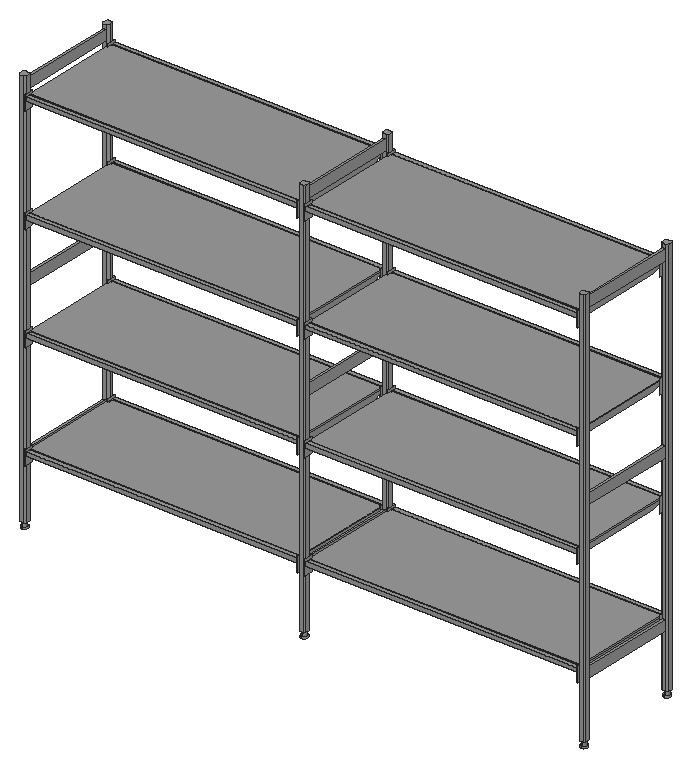
Revit family "QF_ELECTROLUXPROFESSIONAL_137046_BLS2404", category Attrezzature speciali, Revit 2020
Family settings
  Quota connettore circolare = Usa diametro
  Tipo di parte = Normale
  Basato su piano di lavoro = No
  Sempre verticale = Sì
  Taglio con vuoti quando caricato = No
  Condiviso = No
  Punto di calcolo locali = No
Parameters (values of type "Standard")
  Weight = 44.00 kg
  Watts = 0 W
  Volts = 0 V
  URL Manufacturer = "https://www.electroluxprofessional.com/"
  URL = "https://www.electroluxprofessional.com/"
  Steam Supply Size = 0 mm
  Steam Supply Minimum Pressure = 0.0 Pa
  Steam Supply Maximum Pressure = 0.0 Pa
  Steam Consumption per Hour = 0
  Refrigeration Suction Line Size = 0.0 mm
  Refrigeration Liquid Line Size = 0.0 mm
  Refrigerant Compressor Remote = yes
  Prospetto di default = 0.0 mm
  Phase = 0
  Modello = "BLS2404"
  Produttore = "Electrolux Professional"
  Length Actual = 2404.0 mm  # constant formula
  Item Number = "137046"
  Hot Water Size = 0 mm
  Height Actual = 1700.0 mm  # constant formula
  HP = "0 HP"
  Gas Size = 0 mm
  Gas KW = 0
  Gas Input Pressure = 0 W
  Direct Waste Size = 0 mm
  Descrizione = "ALUM.LINEAR SHELV.-POLY.TIERS-475X2404MM"
  Depth Actual = 475.0 mm  # constant formula
  Cycle = 0 Hz
  Condensate Return Size = 0 mm
  Compressed Air Volume = 0.0 L/s
  Compressed Air Size = 0 mm
  Compressed Air Pressure = 0.0 Pa
  Cold Water Size = 0 mm
  Accessory = yes
Reference planes
  plane 1: z = 0
  plane 2 "CenterLeft": x = -31
  plane 3 "LEFT": x = -417
  plane 4 "BACK": y = 23
  plane 5 "FRONT": y = -452
  plane 6 "TOP": z = 1700
  plane 7: x = -385
  plane 8: x = 767
  plane 9 "Center (Front/Back)": y = -214.5
  plane 10: y = -8.5
  plane 11: y = -420.5
  plane 12 "FEET": z = 25
  plane 13: z = 275
  plane 14: z = 725
  plane 15: z = 1175
  plane 16: z = 1625
  plane 17 "CXLeft": x = -403
  plane 18 "Center (Left/Right)": x = 785
  plane 19: y = 5.5
  plane 20 "CYBack": y = 5.5
  plane 21 "CYFront": y = -434.5
  plane 22 "RIGHT": x = 1987
  plane 23: x = 1955
  plane 24 "CXRight": x = 1973
  plane 25: x = 803
Forms (mm)
  Extrusion 1, solid, material "QF_Aluminum"
    sketch origin (-417, 0, -4.006) x (0, 1, 0) y (0, 0, 1)
      loop
        line (-12, 1637.003) -> (4, 1637.003) -> (4, 1655) -> (2.007, 1655) -> (2.007, 1648.501) -> (-431, 1648.501) -> (-431, 1655) -> (-433, 1655) -> (-433, 1637.003) -> (-417, 1637.003) -> (-383, 1625) -> (-46, 1625) -> (-12, 1637.003)
      loop
        line (-12, 1187.003) -> (4, 1187.003) -> (4, 1205) -> (2.007, 1205) -> (2.007, 1198.501) -> (-431, 1198.501) -> (-431, 1205) -> (-433, 1205) -> (-433, 1187.003) -> (-417, 1187.003) -> (-383, 1175) -> (-46, 1175) -> (-12, 1187.003)
      loop
        line (-12, 737.003) -> (4, 737.003) -> (4, 755) -> (2.007, 755) -> (2.007, 748.501) -> (-431, 748.501) -> (-431, 755) -> (-433, 755) -> (-433, 737.003) -> (-417, 737.003) -> (-383, 725) -> (-46, 725) -> (-12, 737.003)
      loop
        line (-12, 287.003) -> (4, 287.003) -> (4, 305) -> (2.007, 305) -> (2.007, 298.501) -> (-431, 298.501) -> (-431, 305) -> (-433, 305) -> (-433, 287.003) -> (-417, 287.003) -> (-383, 275) -> (-46, 275) -> (-12, 287.003)
    from 37 to 32
  Extrusion 2, solid, material "QF_Aluminum"
    sketch origin (-417, 0, 0) x (0, 1, 0) y (0, 0, 1)
      loop
        line (23, 246.005) -> (23, 307.993) -> (-12.993, 307.993) -> (-12.993, 246.005) -> (23, 246.005)
      loop
        line (-452, 246.005) -> (-416.007, 246.005) -> (-416.007, 307.993) -> (-452, 307.993) -> (-452, 246.005)
      loop
        line (23, 696.005) -> (23, 757.993) -> (-12.993, 757.993) -> (-12.993, 696.005) -> (23, 696.005)
      loop
        line (-452, 696.005) -> (-416.007, 696.005) -> (-416.007, 757.993) -> (-452, 757.993) -> (-452, 696.005)
      loop
        line (23, 1146.005) -> (23, 1207.993) -> (-12.993, 1207.993) -> (-12.993, 1146.005) -> (23, 1146.005)
      loop
        line (-452, 1146.005) -> (-416.007, 1146.005) -> (-416.007, 1207.993) -> (-452, 1207.993) -> (-452, 1146.005)
      loop
        line (23, 1596.005) -> (23, 1657.993) -> (-12.993, 1657.993) -> (-12.993, 1596.005) -> (23, 1596.005)
      loop
        line (-452, 1596.005) -> (-416.007, 1596.005) -> (-416.007, 1657.993) -> (-452, 1657.993) -> (-452, 1596.005)
    from 28 to 32
  Extrusion 3, solid, material "QF_Aluminum"
    sketch origin (-417, 0, 0) x (0, 1, 0) y (0, 0, 1)
      loop
        line (4, 1650.994) -> (4, 1632.998) -> (23, 1632.998) -> (23, 1650.994) -> (4, 1650.994)
      loop
        line (-433, 1650.994) -> (-452, 1650.994) -> (-452, 1632.998) -> (-433, 1632.998) -> (-433, 1650.994)
      loop
        line (4, 1200.994) -> (4, 1182.998) -> (23, 1182.998) -> (23, 1200.994) -> (4, 1200.994)
      loop
        line (-433, 1200.994) -> (-452, 1200.994) -> (-452, 1182.998) -> (-433, 1182.998) -> (-433, 1200.994)
      loop
        line (4, 750.994) -> (4, 732.998) -> (23, 732.998) -> (23, 750.994) -> (4, 750.994)
      loop
        line (-433, 750.994) -> (-452, 750.994) -> (-452, 732.998) -> (-433, 732.998) -> (-433, 750.994)
      loop
        line (4, 300.994) -> (4, 282.998) -> (23, 282.998) -> (23, 300.994) -> (4, 300.994)
      loop
        line (-433, 300.994) -> (-452, 300.994) -> (-452, 282.998) -> (-433, 282.998) -> (-433, 300.994)
    from 32 to 1184
  Extrusion 4, solid, material "QF_Polyethylene"
    sketch origin (-417, 0, 0) x (0, 1, 0) y (0, 0, 1)
      loop
        line (2.007, 1650.994) -> (-431, 1650.994) -> (-431, 1644.496) -> (2.007, 1644.496) -> (2.007, 1650.994)
      loop
        line (2.007, 1200.994) -> (-431, 1200.994) -> (-431, 1194.496) -> (2.007, 1194.496) -> (2.007, 1200.994)
      loop
        line (2.007, 750.994) -> (-431, 750.994) -> (-431, 744.496) -> (2.007, 744.496) -> (2.007, 750.994)
      loop
        line (2.007, 300.994) -> (-431, 300.994) -> (-431, 294.496) -> (2.007, 294.496) -> (2.007, 300.994)
    from 32 to 1184
  Extrusion 5, solid, material "QF_Aluminum"
    sketch origin (1987, 0, 0) x (0, 1, 0) y (0, 0, 1)
      loop
        line (4, 1650.994) -> (4, 1632.998) -> (23, 1632.998) -> (23, 1650.994) -> (4, 1650.994)
      loop
        line (-433, 1650.994) -> (-452, 1650.994) -> (-452, 1632.998) -> (-433, 1632.998) -> (-433, 1650.994)
      loop
        line (4, 1200.994) -> (4, 1182.998) -> (23, 1182.998) -> (23, 1200.994) -> (4, 1200.994)
      loop
        line (-433, 1200.994) -> (-452, 1200.994) -> (-452, 1182.998) -> (-433, 1182.998) -> (-433, 1200.994)
      loop
        line (4, 750.994) -> (4, 732.998) -> (23, 732.998) -> (23, 750.994) -> (4, 750.994)
      loop
        line (-433, 750.994) -> (-452, 750.994) -> (-452, 732.998) -> (-433, 732.998) -> (-433, 750.994)
      loop
        line (4, 300.994) -> (4, 282.998) -> (23, 282.998) -> (23, 300.994) -> (4, 300.994)
      loop
        line (-433, 300.994) -> (-452, 300.994) -> (-452, 282.998) -> (-433, 282.998) -> (-433, 300.994)
    from -32 to -1184
  Extrusion 6, solid, material "QF_Polyethylene"
    sketch origin (1987, 0, 0) x (0, 1, 0) y (0, 0, 1)
      loop
        line (2.007, 1650.994) -> (-431, 1650.994) -> (-431, 1644.496) -> (2.007, 1644.496) -> (2.007, 1650.994)
      loop
        line (2.007, 1200.994) -> (-431, 1200.994) -> (-431, 1194.496) -> (2.007, 1194.496) -> (2.007, 1200.994)
      loop
        line (2.007, 750.994) -> (-431, 750.994) -> (-431, 744.496) -> (2.007, 744.496) -> (2.007, 750.994)
      loop
        line (2.007, 300.994) -> (-431, 300.994) -> (-431, 294.496) -> (2.007, 294.496) -> (2.007, 300.994)
    from -32 to -1184
Lines and regions (mm)
  symbolic lines
    curve 1: line (767, 4, 1700) -> (-385, 4, 1700)
    curve 2: line (-408, -8.5, 1700) -> (-408, -420.5, 1700)
    curve 3: line (-398, -420.5, 1700) -> (-398, -8.5, 1700)
    curve 4: line (-389, 23, 1700) -> (771, 23, 1700)
    curve 5: line (-385, -452, 1700) -> (767, -452, 1700)
    curve 6: line (799, 23, 1700) -> (1959, 23, 1700)
    curve 7: line (799, -452, 1700) -> (1959, -452, 1700)
    curve 8: line (-385, -433, 1700) -> (767, -433, 1700)
    curve 9: line (803, -433, 1700) -> (1955, -433, 1700)
    curve 10: line (803, 4, 1700) -> (1955, 4, 1700)
    curve 11: line (1955, -12.993, 1700) -> (1955, -416.007, 1700)
    curve 12: line (767, -12.993, 1700) -> (767, -416.007, 1700)
    curve 13: line (803, -416.007, 1700) -> (803, -12.993, 1700)
    curve 14: line (-385, -12.993, 1700) -> (-385, -416.007, 1700)
Dimensions and locks
  plane 3 "LEFT" to plane 2 "CenterLeft" = 386.0 mm
  locked: plane 6 "TOP" to level at 1700
  locked: plane 4 "BACK" to plane 5 "FRONT" at 475
  locked: plane 7 to plane 8 at 1152
  locked: plane 10 to plane 11 at 412
  equal spacing: plane 10, plane 9 "Center (Front/Back)", plane 11
  equal spacing: plane 4 "BACK", plane 9 "Center (Front/Back)", plane 5 "FRONT"
  plane 12 "FEET" to level = 25.0 mm
  plane 6 "TOP" to plane 12 "FEET" = 1675.0 mm
  plane 13 to plane 12 "FEET" = 250.0 mm
  plane 14 to plane 13 = 450.0 mm
  plane 15 to plane 14 = 450.0 mm
  plane 16 to plane 15 = 450.0 mm
  locked: plane 4 "BACK" to plane 20 "CYBack" at 17.5
  locked: plane 21 "CYFront" to plane 5 "FRONT" at 17.5
  locked: plane 4 "BACK" to Extrusion 1 at 19
  locked: Extrusion 1 to plane 5 "FRONT" at 19
  Extrusion 1 sketch curve to plane 21 "CYFront" = 3.5 mm
  plane 3 "LEFT" to plane 22 "RIGHT" = 2404.0 mm
  locked: plane 25 to plane 23 at 1152
  locked: plane 8 to plane 18 "Center (Left/Right)" at 18
  locked: plane 18 "Center (Left/Right)" to plane 25 at 18
  locked: plane 3 "LEFT" to plane 7 at 32
  locked: plane 24 "CXRight" to plane 22 "RIGHT" at 14
  aligned and locked: level to plane 1
  aligned and locked: plane 7 to Extrusion 1
  aligned and locked: Extrusion 2 to plane 7
  aligned and locked: plane 7 to Extrusion 4
  aligned and locked: Extrusion 4 to plane 8
  aligned and locked: plane 7 to Extrusion 3
  aligned and locked: Extrusion 3 to plane 8
  aligned and locked: Extrusion 3 sketch curve to Extrusion 1
  aligned and locked: Extrusion 1 to Extrusion 3 sketch curve
  aligned and locked: Extrusion 3 sketch curve to Extrusion 3 sketch curve  (x2)
  aligned and locked: Extrusion 1 sketch curve to Extrusion 1 sketch curve  (x3)
  aligned and locked: Extrusion 4 sketch curve to Extrusion 1  (x4)
  aligned and locked: Extrusion 5 sketch curve to Extrusion 5 sketch curve  (x2)
  aligned and locked: Extrusion 5 to plane 25
  aligned and locked: Extrusion 6 to plane 25
  aligned and locked: nested 3 to plane 18 "Center (Left/Right)"
  aligned and locked: nested 1 to plane 17 "CXLeft"
  aligned and locked: Extrusion 3 to plane 7  (x3)
  aligned and locked: plane 8 to Extrusion 3  (x4)
  aligned and locked: plane 25 to Extrusion 5  (x4)
  aligned and locked: plane 25 to Extrusion 6  (x4)
  aligned and locked: plane 8 to Extrusion 4  (x4)
  aligned and locked: nested 2 to plane 24 "CXRight"
  aligned and locked: Extrusion 5 to plane 23
  aligned and locked: Extrusion 6 to plane 23
  aligned and locked: plane 23 to Extrusion 5  (x3)
  aligned and locked: plane 23 to Extrusion 6  (x3)
Automatic sketch dimensions
  plane 21 "CYFront" to Extrusion 1 sketch curve = 1.5 mm  (x4)
  plane 11 to Extrusion 1 sketch curve = 3.5 mm  (x4)
  Extrusion 1 sketch curve to plane 13 = 4.006 mm
  Extrusion 1 sketch curve to Extrusion 1 sketch curve = 34.0 mm  (x4)
  Extrusion 1 sketch curve to plane 14 = 4.006 mm
  Extrusion 1 sketch curve to plane 15 = 4.006 mm
  Extrusion 1 sketch curve to plane 16 = 4.006 mm
  Extrusion 1 sketch curve to plane 10 = 37.5 mm  (x4)
  Extrusion 1 sketch curve to plane 10 = 3.5 mm  (x4)
  plane 19 to Extrusion 1 sketch curve = 3.493 mm  (x4)
  plane 19 to Extrusion 1 sketch curve = 1.5 mm  (x4)
  plane 13 to Extrusion 1 sketch curve = 7.998 mm  (x2)
  Extrusion 1 sketch curve to Extrusion 1 sketch curve = 11.498 mm  (x4)
  Extrusion 1 sketch curve to Extrusion 1 sketch curve = 6.499 mm  (x8)
  plane 14 to Extrusion 1 sketch curve = 7.998 mm  (x2)
  plane 15 to Extrusion 1 sketch curve = 7.998 mm  (x2)
  plane 16 to Extrusion 1 sketch curve = 7.998 mm  (x2)
  Extrusion 2 sketch curve to plane 5 "FRONT" = 0.0 mm  (x4)
  Extrusion 2 sketch curve to plane 4 "BACK" = 0.0 mm  (x4)
  plane 11 to Extrusion 2 sketch curve = 4.493 mm  (x4)
  Extrusion 2 sketch curve to plane 10 = 4.493 mm  (x4)
  Extrusion 2 sketch curve to plane 13 = 28.995 mm  (x2)
  plane 13 to Extrusion 2 sketch curve = 32.993 mm  (x2)
  Extrusion 2 sketch curve to plane 14 = 28.995 mm  (x2)
  plane 14 to Extrusion 2 sketch curve = 32.993 mm  (x2)
  Extrusion 2 sketch curve to plane 15 = 28.995 mm  (x2)
  plane 15 to Extrusion 2 sketch curve = 32.993 mm  (x2)
  Extrusion 2 sketch curve to plane 16 = 28.995 mm  (x2)
  plane 16 to Extrusion 2 sketch curve = 32.993 mm  (x2)
  Extrusion 3 sketch curve to plane 5 "FRONT" = 0.0 mm  (x4)
  Extrusion 3 sketch curve to plane 4 "BACK" = 0.0 mm  (x4)
  plane 19 to Extrusion 3 sketch curve = 1.5 mm  (x4)
  plane 13 to Extrusion 3 sketch curve = 7.998 mm  (x2)
  Extrusion 3 sketch curve to Extrusion 3 sketch curve = 17.997 mm  (x8)
  plane 14 to Extrusion 3 sketch curve = 7.998 mm  (x2)
  plane 15 to Extrusion 3 sketch curve = 7.998 mm  (x2)
  plane 16 to Extrusion 3 sketch curve = 7.998 mm  (x2)
  plane 19 to Extrusion 4 sketch curve = 3.493 mm  (x4)
  plane 13 to Extrusion 4 sketch curve = 19.496 mm
  Extrusion 4 sketch curve to Extrusion 4 sketch curve = 6.499 mm  (x4)
  plane 14 to Extrusion 4 sketch curve = 19.496 mm
  plane 15 to Extrusion 4 sketch curve = 19.496 mm
  plane 16 to Extrusion 4 sketch curve = 19.496 mm
  Extrusion 5 sketch curve to plane 5 "FRONT" = 0.0 mm  (x4)
  Extrusion 5 sketch curve to plane 4 "BACK" = 0.0 mm  (x4)
  plane 21 "CYFront" to Extrusion 5 sketch curve = 1.5 mm  (x2)
  plane 19 to Extrusion 5 sketch curve = 1.5 mm  (x4)
  plane 13 to Extrusion 5 sketch curve = 7.998 mm  (x2)
  Extrusion 5 sketch curve to Extrusion 5 sketch curve = 17.997 mm  (x8)
  plane 14 to Extrusion 5 sketch curve = 7.998 mm  (x2)
  plane 15 to Extrusion 5 sketch curve = 7.998 mm  (x2)
  plane 16 to Extrusion 5 sketch curve = 7.998 mm  (x2)
  plane 21 "CYFront" to Extrusion 6 sketch curve = 3.5 mm  (x4)
  plane 19 to Extrusion 6 sketch curve = 3.493 mm  (x4)
  plane 13 to Extrusion 6 sketch curve = 19.496 mm
  Extrusion 6 sketch curve to Extrusion 6 sketch curve = 6.499 mm  (x4)
  plane 14 to Extrusion 6 sketch curve = 19.496 mm
  plane 15 to Extrusion 6 sketch curve = 19.496 mm
  plane 16 to Extrusion 6 sketch curve = 19.496 mm
  curve 7 to plane 5 "FRONT" = 0.0 mm
  curve 5 to plane 5 "FRONT" = 0.0 mm
  curve 8 to plane 8 = 0.0 mm
  curve 9 to plane 25 = 0.0 mm
  curve 9 to plane 23 = 0.0 mm
  curve 8 to plane 7 = 0.0 mm
  curve 2 to plane 11 = 0.0 mm
  curve 3 to plane 11 = 0.0 mm
  curve 14 to plane 7 = 0.0 mm
  curve 13 to plane 25 = 0.0 mm
  curve 12 to plane 8 = 0.0 mm
  curve 11 to plane 23 = 0.0 mm
  curve 3 to plane 10 = 0.0 mm
  curve 2 to plane 10 = 0.0 mm
  curve 1 to plane 8 = 0.0 mm
  curve 1 to plane 7 = 0.0 mm
  curve 10 to plane 23 = 0.0 mm
  curve 10 to plane 25 = 0.0 mm
  curve 4 to plane 4 "BACK" = 0.0 mm
  curve 6 to plane 4 "BACK" = 0.0 mm
  curve 5 to plane 8 = 0.0 mm
  curve 5 to plane 7 = 0.0 mm
  plane 21 "CYFront" to curve 8 = 1.5 mm
  plane 21 "CYFront" to curve 9 = 1.5 mm
  plane 11 to curve 14 = 4.493 mm
  plane 11 to curve 13 = 4.493 mm
  plane 11 to curve 12 = 4.493 mm
  plane 11 to curve 11 = 4.493 mm
  curve 14 to plane 10 = 4.493 mm
  curve 13 to plane 10 = 4.493 mm
  curve 12 to plane 10 = 4.493 mm
  curve 11 to plane 10 = 4.493 mm
  plane 19 to curve 1 = 1.5 mm
  plane 19 to curve 10 = 1.5 mm
  curve 6 to plane 23 = 4.0 mm
  curve 7 to plane 23 = 4.0 mm
  curve 6 to plane 25 = 4.0 mm
  curve 7 to plane 25 = 4.0 mm
  curve 4 to plane 8 = 4.0 mm
  plane 7 to curve 4 = 4.0 mm
  plane 17 "CXLeft" to curve 3 = 5.0 mm
  curve 2 to plane 17 "CXLeft" = 5.0 mm
Nested families
  nested 1: "WT_Anta475" at (0, 0, 0), type "WT_Anta475"
  nested 2: "WT_Anta475" at (1570, 0, 0) x (-1, 0, 0) z (0, 0, 1), type "WT_Anta475"
  nested 3: "WT_Anta475Center" at (1188, 0, 0), type "WT_Anta475Center"
Definition of nested family "WT_Anta475"
  Parameters
    WidthLeft = A + 64.0 mm  # 772.0 mm
    Width = 1606.0 mm
    Right = WidthLeft / 2  # 386.0 mm
    Default Elevation = 0.0 mm
    Left = -WidthLeft / 2  # -386.0 mm
    Height = 1725.0 mm
    FEET = 25.0 mm
    E = 0.0 mm
    Dint = Depth - 63.0 mm  # 412.0 mm
    Dext = Depth - 8.0 mm  # 467.0 mm
    Depth = 475.0 mm
    DX = (WidthLeft - A) / 2  # 32.0 mm
    B = 798.0 mm
    A = 708.0 mm
  Reference planes
    plane 1: z = 0
    plane 2 "LEFT": x = -417
    plane 3 "BACK": y = 23
    plane 4 "FRONT": y = -452
    plane 5 "TOP": z = 1725
    plane 6 "Center (Front/Back)": y = -214.5
    plane 7: y = -8.5
    plane 8: y = -420.5
    plane 9 "FEET": z = 25
    plane 10: z = 275
    plane 11: z = 725
    plane 12: z = 1175
    plane 13: z = 1625
    plane 14 "CXLeft": x = -403
    plane 15: y = 5.5
    plane 16 "CYBack": y = 5.5
    plane 17 "CYFront": y = -434.5
    plane 18: x = -385.031
    plane 19: x = -380.031
  Forms (mm)
    Extrusion 1, solid
      sketch origin (0, 0, 0) x (1, 0, 0) y (0, 1, 0)
        loop
          line (-417, 13.246) -> (-417, -2.246) -> (-410.746, -8.5) -> (-395.254, -8.5) -> (-389, -2.246) -> (-389, 13.246) -> (-395.254, 19.5) -> (-410.746, 19.5) -> (-417, 13.246)
      from 1725 to 25
    Extrusion 2, solid
      sketch origin (-417, 0, 0) x (0, 1, 0) y (0, 0, 1)
        loop
          line (23, 246.005) -> (23, 307.993) -> (-12.993, 307.993) -> (-12.993, 246.005) -> (23, 246.005)
        loop
          line (-452, 246.005) -> (-416.007, 246.005) -> (-416.007, 307.993) -> (-452, 307.993) -> (-452, 246.005)
        loop
          line (23, 696.005) -> (23, 757.993) -> (-12.993, 757.993) -> (-12.993, 696.005) -> (23, 696.005)
        loop
          line (-452, 696.005) -> (-416.007, 696.005) -> (-416.007, 757.993) -> (-452, 757.993) -> (-452, 696.005)
        loop
          line (23, 1146.005) -> (23, 1207.993) -> (-12.993, 1207.993) -> (-12.993, 1146.005) -> (23, 1146.005)
        loop
          line (-452, 1146.005) -> (-416.007, 1146.005) -> (-416.007, 1207.993) -> (-452, 1207.993) -> (-452, 1146.005)
        loop
          line (23, 1596.005) -> (23, 1657.993) -> (-12.993, 1657.993) -> (-12.993, 1596.005) -> (23, 1596.005)
        loop
          line (-452, 1596.005) -> (-416.007, 1596.005) -> (-416.007, 1657.993) -> (-452, 1657.993) -> (-452, 1596.005)
      from 28 to 32
    Revolve 3, solid
      sketch origin (-403, 0, 0) x (0, 1, 0) y (0, 0, 1)
        loop
          line (5.5, 25) -> (5.5, 0) -> (19, 0) -> (19, 5) -> (14, 5) -> (14, 25) -> (5.5, 25)
        axis (5.5, 25) -> (5.5, 0)
      angle from 0 to 360
    Extrusion 4, solid
      sketch origin (-403, 0, 0) x (0, 1, 0) y (0, 0, 1)
        loop
          line (-8.5, 912.382) -> (-8.5, 957.374) -> (-420.5, 957.374) -> (-420.5, 912.382) -> (-8.5, 912.382)
        loop
          line (-8.5, 1662.244) -> (-8.5, 1707.236) -> (-420.5, 1707.236) -> (-420.5, 1662.244) -> (-8.5, 1662.244)
      from -5 to 5
    Revolve 5, solid
      sketch origin (-403, -627, 0) x (0, -1, 0) y (0, 0, 1)
        loop
          line (-192.5, 25) -> (-192.5, 0) -> (-179, 0) -> (-179, 5) -> (-184, 5) -> (-184, 25) -> (-192.5, 25)
        axis (-192.5, 25) -> (-192.5, 0)
      angle from 0 to 360
    Extrusion 6, solid
      sketch origin (0, -627, 0) x (1, 0, 0) y (0, 1, 0)
        loop
          line (-417, 184.754) -> (-410.746, 178.5) -> (-395.254, 178.5) -> (-389, 184.754) -> (-389, 200.246) -> (-395.254, 206.5) -> (-410.746, 206.5) -> (-417, 200.246) -> (-417, 184.754)
      from 1725 to 25
    Extrusion 7, solid
      sketch origin (-417.031, -0.022, 0) x (0, 1, 0) y (0, 0, -1)
        loop
          line (-12, -1632.998) -> (-46, -1620.994) -> (-383, -1620.994) -> (-417, -1632.998) -> (-433, -1632.998) -> (-433, -1650.994) -> (-431, -1650.994) -> (-431, -1644.496) -> (2.007, -1644.496) -> (2.007, -1650.994) -> (4, -1650.994) -> (4, -1632.998) -> (-12, -1632.998)
        loop
          line (-12, -1182.998) -> (-46, -1170.994) -> (-383, -1170.994) -> (-417, -1182.998) -> (-433, -1182.998) -> (-433, -1200.994) -> (-431, -1200.994) -> (-431, -1194.496) -> (2.007, -1194.496) -> (2.007, -1200.994) -> (4, -1200.994) -> (4, -1182.998) -> (-12, -1182.998)
        loop
          line (-12, -732.998) -> (-46, -720.994) -> (-383, -720.994) -> (-417, -732.998) -> (-433, -732.998) -> (-433, -750.994) -> (-431, -750.994) -> (-431, -744.496) -> (2.007, -744.496) -> (2.007, -750.994) -> (4, -750.994) -> (4, -732.998) -> (-12, -732.998)
        loop
          line (-12, -282.998) -> (-46, -270.994) -> (-383, -270.994) -> (-417, -282.998) -> (-433, -282.998) -> (-433, -300.994) -> (-431, -300.994) -> (-431, -294.496) -> (2.007, -294.496) -> (2.007, -300.994) -> (4, -300.994) -> (4, -282.998) -> (-12, -282.998)
      from -32 to -37
    Extrusion 8, solid
      sketch origin (-403, 0, -659.878) x (0, 1, 0) y (0, 0, 1)
        loop
          line (-8.5, 912.382) -> (-8.5, 957.374) -> (-420.5, 957.374) -> (-420.5, 912.382) -> (-8.5, 912.382)
        loop
          line (-8.5, 1572.382) -> (-8.5, 1617.374) -> (-420.5, 1617.374) -> (-420.5, 1572.382) -> (-8.5, 1572.382)
        loop
          line (-8.5, 2322.382) -> (-8.5, 2367.374) -> (-420.5, 2367.374) -> (-420.5, 2322.382) -> (-8.5, 2322.382)
      from -5 to 5
  Lines and regions (mm)
    symbolic lines
      curve 1: line (-408, -8.5, 1725) -> (-408, -420.5, 1725)
      curve 2: line (-398, -420.5, 1725) -> (-398, -8.5, 1725)
      curve 3: line (-395.254, -8.5, 1725) -> (-410.746, -8.5, 1725)
      curve 4: line (-417, -2.246, 1725) -> (-410.746, -8.5, 1725)
      curve 5: line (-417, 13.246, 1725) -> (-417, -2.246, 1725)
      curve 6: line (-410.746, 19.5, 1725) -> (-417, 13.246, 1725)
      curve 7: line (-395.254, 19.5, 1725) -> (-410.746, 19.5, 1725)
      curve 8: line (-389, 13.246, 1725) -> (-395.254, 19.5, 1725)
      curve 9: line (-395.254, -8.5, 1725) -> (-389, -2.246, 1725)
      curve 10: line (-395.254, -420.5, 1725) -> (-410.746, -420.5, 1725)
      curve 11: line (-417, -426.754, 1725) -> (-410.746, -420.5, 1725)
      curve 12: line (-410.746, -448.5, 1725) -> (-417, -442.246, 1725)
      curve 13: line (-395.254, -448.5, 1725) -> (-410.746, -448.5, 1725)
      curve 14: line (-389, -442.246, 1725) -> (-395.254, -448.5, 1725)
      curve 15: line (-395.254, -420.5, 1725) -> (-389, -426.754, 1725)
      curve 16: line (-389, -452, 1725) -> (-389, -416.007, 1725)
      curve 17: line (-389, -416.007, 1725) -> (-385, -416.007, 1725)
      curve 18: line (-389, 23, 1725) -> (-389, -12.993, 1725)
      curve 19: line (-389, -12.993, 1725) -> (-385, -12.993, 1725)
      curve 20: line (-417, -426.754, 1725) -> (-417, -442.246, 1725)
      curve 21: line (-385, -452, 1725) -> (-385, -416.007, 1725)
      curve 22: line (-385, -452, 1725) -> (-389, -452, 1725)
      curve 23: line (-385, 23, 1725) -> (-389, 23, 1725)
      curve 24: line (-385, -12.993, 1725) -> (-385, 23, 1725)
      curve 25: line (-385.031, -13.016, 1725) -> (-385.031, -416.029, 1725)
  Dimensions and locks
    "Height": plane 5 "TOP" to level
    "Depth": plane 3 "BACK" to plane 4 "FRONT"
    "Dint": plane 7 to plane 8
    equal spacing: plane 7, plane 6 "Center (Front/Back)", plane 8
    equal spacing: plane 3 "BACK", plane 6 "Center (Front/Back)", plane 4 "FRONT"
    plane 9 "FEET" to level = 25.0 mm
    plane 5 "TOP" to plane 9 "FEET" = 1700.0 mm
    plane 10 to plane 9 "FEET" = 250.0 mm
    plane 11 to plane 10 = 450.0 mm
    plane 12 to plane 11 = 450.0 mm
    plane 13 to plane 12 = 450.0 mm
    locked: plane 2 "LEFT" to plane 14 "CXLeft" at 14
    locked: plane 3 "BACK" to plane 16 "CYBack" at 17.5
    locked: plane 17 "CYFront" to plane 4 "FRONT" at 17.5
    locked: Revolve 3 sketch curve to Revolve 3 sketch curve at 8.5
    locked: Revolve 3 sketch curve to plane 16 "CYBack" at 13.5
    locked: Revolve 5 sketch curve to Revolve 5 sketch curve at 8.5
    aligned and locked: level to plane 1
    aligned and locked: curve 20 to Extrusion 6
    aligned and locked: plane 5 "TOP" to Extrusion 1
    aligned and locked: plane 5 "TOP" to Extrusion 6
    aligned and locked: Extrusion 7 sketch curve to Extrusion 7 sketch curve  (x3)
  Automatic sketch dimensions
    curve 16 to plane 4 "FRONT" = 0.0 mm
    curve 11 to plane 8 = 0.0 mm
    curve 9 to plane 7 = 0.0 mm
    curve 5 to plane 2 "LEFT" = 0.0 mm
    curve 23 to plane 3 "BACK" = 0.0 mm
    plane 4 "FRONT" to curve 13 = 3.5 mm
    curve 20 to plane 17 "CYFront" = 7.746 mm
    curve 20 to plane 8 = 6.254 mm
    plane 8 to curve 16 = 4.493 mm
    curve 24 to plane 18 = 0.031 mm
    curve 24 to plane 7 = 4.493 mm
    plane 7 to curve 5 = 6.254 mm
    curve 5 to plane 15 = 7.746 mm
    curve 6 to plane 3 "BACK" = 3.5 mm
    curve 21 to plane 18 = 0.031 mm
    plane 18 to curve 23 = 3.969 mm
    plane 18 to curve 16 = 3.969 mm
    curve 18 to curve 8 = 6.254 mm
    curve 18 to curve 3 = 6.254 mm
    curve 16 to curve 13 = 6.254 mm
    curve 16 to curve 15 = 6.254 mm
    plane 2 "LEFT" to curve 10 = 6.254 mm
    plane 2 "LEFT" to curve 7 = 6.254 mm
    plane 2 "LEFT" to curve 12 = 6.254 mm
    plane 2 "LEFT" to curve 3 = 6.254 mm
    curve 14 to plane 17 "CYFront" = 7.746 mm
    curve 15 to plane 8 = 6.254 mm
    plane 7 to curve 9 = 6.254 mm
    curve 8 to plane 15 = 7.746 mm
    curve 3 to curve 2 = 2.746 mm
    curve 1 to curve 10 = 2.746 mm
    Extrusion 1 sketch curve to plane 2 "LEFT" = 0.0 mm
    Extrusion 1 sketch curve to plane 7 = 0.0 mm
    plane 2 "LEFT" to Extrusion 1 sketch curve = 6.254 mm  (x2)
    plane 14 "CXLeft" to Extrusion 1 sketch curve = 7.746 mm  (x2)
    Extrusion 1 sketch curve to plane 3 "BACK" = 3.5 mm
    plane 18 to Extrusion 1 sketch curve = 3.969 mm
    plane 7 to Extrusion 1 sketch curve = 6.254 mm  (x2)
    Extrusion 1 sketch curve to plane 15 = 7.746 mm  (x2)
    Extrusion 2 sketch curve to plane 4 "FRONT" = 0.0 mm  (x4)
    Extrusion 2 sketch curve to plane 3 "BACK" = 0.0 mm  (x4)
    plane 8 to Extrusion 2 sketch curve = 4.493 mm  (x4)
    Extrusion 2 sketch curve to plane 7 = 4.493 mm  (x4)
    Extrusion 2 sketch curve to plane 10 = 28.995 mm  (x2)
    plane 10 to Extrusion 2 sketch curve = 32.993 mm  (x2)
    Extrusion 2 sketch curve to plane 11 = 28.995 mm  (x2)
    plane 11 to Extrusion 2 sketch curve = 32.993 mm  (x2)
    Extrusion 2 sketch curve to plane 12 = 28.995 mm  (x2)
    plane 12 to Extrusion 2 sketch curve = 32.993 mm  (x2)
    Extrusion 2 sketch curve to plane 13 = 28.995 mm  (x2)
    plane 13 to Extrusion 2 sketch curve = 32.993 mm  (x2)
    Revolve 3 sketch curve to plane 9 "FEET" = 0.0 mm  (x2)
    Revolve 3 sketch curve to plane 15 = 0.0 mm  (x2)
    Revolve 3 sketch curve to level = 0.0 mm
    level to Revolve 3 sketch curve = 5.0 mm
    Revolve 3 sketch curve to Revolve 3 sketch curve = 11.655 mm
    Extrusion 4 sketch curve to plane 8 = 0.0 mm  (x2)
    Extrusion 4 sketch curve to plane 7 = 0.0 mm  (x2)
    plane 11 to Extrusion 4 sketch curve = 187.382 mm
    Extrusion 4 sketch curve to Extrusion 4 sketch curve = 44.992 mm
    plane 13 to Extrusion 4 sketch curve = 37.244 mm
    Extrusion 4 sketch curve to plane 5 "TOP" = 17.764 mm
    Revolve 5 sketch curve to plane 9 "FEET" = 0.0 mm  (x2)
    Revolve 5 sketch curve to plane 17 "CYFront" = 0.0 mm  (x2)
    Revolve 5 sketch curve to level = 0.0 mm
    Revolve 5 sketch curve to plane 4 "FRONT" = 4.0 mm
    Revolve 5 sketch curve to Revolve 5 sketch curve = 5.0 mm
    level to Revolve 5 sketch curve = 11.655 mm
    Extrusion 6 sketch curve to plane 2 "LEFT" = 0.0 mm
    Extrusion 6 sketch curve to plane 8 = 0.0 mm
    Extrusion 6 sketch curve to plane 2 "LEFT" = 6.254 mm  (x2)
    Extrusion 6 sketch curve to plane 14 "CXLeft" = 7.746 mm  (x2)
    Extrusion 6 sketch curve to plane 4 "FRONT" = 3.5 mm
    Extrusion 6 sketch curve to plane 18 = 3.969 mm
    plane 8 to Extrusion 6 sketch curve = 6.254 mm  (x2)
    plane 17 "CYFront" to Extrusion 6 sketch curve = 7.746 mm  (x2)
    plane 17 "CYFront" to Extrusion 7 sketch curve = 1.478 mm  (x4)
    Extrusion 7 sketch curve to Extrusion 7 sketch curve = 2.0 mm
    plane 8 to Extrusion 7 sketch curve = 3.478 mm  (x4)
    Extrusion 7 sketch curve to plane 10 = 4.006 mm
    Extrusion 7 sketch curve to Extrusion 7 sketch curve = 34.0 mm  (x4)
    Extrusion 7 sketch curve to plane 11 = 4.006 mm
    Extrusion 7 sketch curve to plane 12 = 4.006 mm
    Extrusion 7 sketch curve to plane 13 = 4.006 mm
    Extrusion 7 sketch curve to plane 7 = 37.522 mm  (x4)
    Extrusion 7 sketch curve to plane 7 = 3.522 mm  (x4)
    plane 15 to Extrusion 7 sketch curve = 3.516 mm  (x4)
    plane 15 to Extrusion 7 sketch curve = 1.522 mm  (x4)
    plane 13 to Extrusion 7 sketch curve = 7.998 mm  (x2)
    Extrusion 7 sketch curve to Extrusion 7 sketch curve = 11.498 mm
    Extrusion 7 sketch curve to Extrusion 7 sketch curve = 6.499 mm  (x5)
    plane 12 to Extrusion 7 sketch curve = 25.994 mm  (x2)
    plane 12 to Extrusion 7 sketch curve = 7.998 mm  (x2)
    plane 11 to Extrusion 7 sketch curve = 25.994 mm  (x2)
    plane 11 to Extrusion 7 sketch curve = 7.998 mm  (x2)
    plane 10 to Extrusion 7 sketch curve = 25.994 mm  (x2)
    plane 10 to Extrusion 7 sketch curve = 7.998 mm  (x2)
    curve 25 to plane 18 = 0.0 mm
    plane 8 to curve 25 = 4.471 mm
    curve 25 to plane 7 = 4.516 mm
    Extrusion 8 sketch curve to plane 8 = 0.0 mm  (x3)
    Extrusion 8 sketch curve to plane 7 = 0.0 mm  (x3)
    Extrusion 8 sketch curve to plane 10 = 22.496 mm
    plane 10 to Extrusion 8 sketch curve = 22.496 mm
    plane 11 to Extrusion 8 sketch curve = 187.504 mm
    Extrusion 8 sketch curve to Extrusion 8 sketch curve = 44.992 mm
    plane 13 to Extrusion 8 sketch curve = 37.504 mm
    Extrusion 8 sketch curve to plane 5 "TOP" = 17.504 mm
Definition of nested family "WT_Anta475Center"
  Parameters
    WidthLeft = A + 64.0 mm  # 772.0 mm
    Width = 1606.0 mm
    Right = WidthLeft / 2  # 386.0 mm
    Default Elevation = 0.0 mm
    Left = -WidthLeft / 2  # -386.0 mm
    Height = 1725.0 mm
    FEET = 25.0 mm
    E = 0.0 mm
    Dint = Depth - 63.0 mm  # 412.0 mm
    Dext = Depth - 8.0 mm  # 467.0 mm
    Depth = 475.0 mm
    DX = (WidthLeft - A) / 2  # 32.0 mm
    B = 798.0 mm
    A = 708.0 mm
  Reference planes
    plane 1: z = 0
    plane 2 "L": x = -417
    plane 3 "BACK": y = 23
    plane 4 "FRONT": y = -452
    plane 5 "TOP": z = 1725
    plane 6 "Center (Front/Back)": y = -214.5
    plane 7: y = -8.5
    plane 8: y = -420.5
    plane 9 "FEET": z = 25
    plane 10: z = 275
    plane 11: z = 725
    plane 12: z = 1175
    plane 13: z = 1625
    plane 14 "CXLeft": x = -403
    plane 15: y = 5.5
    plane 16 "CYBack": y = 5.5
    plane 17 "CYFront": y = -434.5
    plane 18: x = -385.031
    plane 19 "RIGHT": x = -380.031
    plane 20: x = -420.969
    plane 21 "LEFT": x = -425.969
  Forms (mm)
    Extrusion 1, solid
      sketch origin (0, 0, 0) x (1, 0, 0) y (0, 1, 0)
        loop
          line (-417, 13.246) -> (-417, -2.246) -> (-410.746, -8.5) -> (-395.254, -8.5) -> (-389, -2.246) -> (-389, 13.246) -> (-395.254, 19.5) -> (-410.746, 19.5) -> (-417, 13.246)
      from 1725 to 25
    Extrusion 2, solid
      sketch origin (-417, 0, 0) x (0, 1, 0) y (0, 0, 1)
        loop
          line (23, 246.005) -> (23, 307.993) -> (-12.993, 307.993) -> (-12.993, 246.005) -> (23, 246.005)
        loop
          line (-452, 246.005) -> (-416.007, 246.005) -> (-416.007, 307.993) -> (-452, 307.993) -> (-452, 246.005)
        loop
          line (23, 696.005) -> (23, 757.993) -> (-12.993, 757.993) -> (-12.993, 696.005) -> (23, 696.005)
        loop
          line (-452, 696.005) -> (-416.007, 696.005) -> (-416.007, 757.993) -> (-452, 757.993) -> (-452, 696.005)
        loop
          line (23, 1146.005) -> (23, 1207.993) -> (-12.993, 1207.993) -> (-12.993, 1146.005) -> (23, 1146.005)
        loop
          line (-452, 1146.005) -> (-416.007, 1146.005) -> (-416.007, 1207.993) -> (-452, 1207.993) -> (-452, 1146.005)
        loop
          line (23, 1596.005) -> (23, 1657.993) -> (-12.993, 1657.993) -> (-12.993, 1596.005) -> (23, 1596.005)
        loop
          line (-452, 1596.005) -> (-416.007, 1596.005) -> (-416.007, 1657.993) -> (-452, 1657.993) -> (-452, 1596.005)
      from 28 to 32
    Revolve 3, solid
      sketch origin (-403, 0, 0) x (0, 1, 0) y (0, 0, 1)
        loop
          line (5.5, 25) -> (5.5, 0) -> (19, 0) -> (19, 5) -> (14, 5) -> (14, 25) -> (5.5, 25)
        axis (5.5, 25) -> (5.5, 0)
      angle from 0 to 360
    Extrusion 4, solid
      sketch origin (-403, 0, 0) x (0, 1, 0) y (0, 0, 1)
        loop
          line (-8.5, 912.382) -> (-8.5, 957.374) -> (-420.5, 957.374) -> (-420.5, 912.382) -> (-8.5, 912.382)
        loop
          line (-8.5, 1662.244) -> (-8.5, 1707.236) -> (-420.5, 1707.236) -> (-420.5, 1662.244) -> (-8.5, 1662.244)
      from -5 to 5
    Revolve 5, solid
      sketch origin (-403, -627, 0) x (0, -1, 0) y (0, 0, 1)
        loop
          line (-192.5, 25) -> (-192.5, 0) -> (-179, 0) -> (-179, 5) -> (-184, 5) -> (-184, 25) -> (-192.5, 25)
        axis (-192.5, 25) -> (-192.5, 0)
      angle from 0 to 360
    Extrusion 6, solid
      sketch origin (0, -627, 0) x (1, 0, 0) y (0, 1, 0)
        loop
          line (-417, 184.754) -> (-410.746, 178.5) -> (-395.254, 178.5) -> (-389, 184.754) -> (-389, 200.246) -> (-395.254, 206.5) -> (-410.746, 206.5) -> (-417, 200.246) -> (-417, 184.754)
      from 1725 to 25
    Extrusion 7, solid
      sketch origin (-417.031, -0.022, 0) x (0, 1, 0) y (0, 0, -1)
        loop
          line (-12, -1632.998) -> (-46, -1620.994) -> (-383, -1620.994) -> (-417, -1632.998) -> (-433, -1632.998) -> (-433, -1650.994) -> (-431, -1650.994) -> (-431, -1644.496) -> (2.007, -1644.496) -> (2.007, -1650.994) -> (4, -1650.994) -> (4, -1632.998) -> (-12, -1632.998)
        loop
          line (-12, -1182.998) -> (-46, -1170.994) -> (-383, -1170.994) -> (-417, -1182.998) -> (-433, -1182.998) -> (-433, -1200.994) -> (-431, -1200.994) -> (-431, -1194.496) -> (2.007, -1194.496) -> (2.007, -1200.994) -> (4, -1200.994) -> (4, -1182.998) -> (-12, -1182.998)
        loop
          line (-12, -732.998) -> (-46, -720.994) -> (-383, -720.994) -> (-417, -732.998) -> (-433, -732.998) -> (-433, -750.994) -> (-431, -750.994) -> (-431, -744.496) -> (2.007, -744.496) -> (2.007, -750.994) -> (4, -750.994) -> (4, -732.998) -> (-12, -732.998)
        loop
          line (-12, -282.998) -> (-46, -270.994) -> (-383, -270.994) -> (-417, -282.998) -> (-433, -282.998) -> (-433, -300.994) -> (-431, -300.994) -> (-431, -294.496) -> (2.007, -294.496) -> (2.007, -300.994) -> (4, -300.994) -> (4, -282.998) -> (-12, -282.998)
      from -32 to -37
    Extrusion 8, solid
      sketch origin (-403, 0, -659.878) x (0, 1, 0) y (0, 0, 1)
        loop
          line (-8.5, 912.382) -> (-8.5, 957.374) -> (-420.5, 957.374) -> (-420.5, 912.382) -> (-8.5, 912.382)
        loop
          line (-8.5, 1572.382) -> (-8.5, 1617.374) -> (-420.5, 1617.374) -> (-420.5, 1572.382) -> (-8.5, 1572.382)
        loop
          line (-8.5, 2322.382) -> (-8.5, 2367.374) -> (-420.5, 2367.374) -> (-420.5, 2322.382) -> (-8.5, 2322.382)
      from -5 to 5
    Extrusion 9, solid
      sketch origin (-389, 0, 0) x (0, 1, 0) y (0, 0, -1)
        loop
          line (23, -246.005) -> (-12.993, -246.005) -> (-12.993, -307.993) -> (23, -307.993) -> (23, -246.005)
        loop
          line (-452, -246.005) -> (-452, -307.993) -> (-416.007, -307.993) -> (-416.007, -246.005) -> (-452, -246.005)
        loop
          line (23, -696.005) -> (-12.993, -696.005) -> (-12.993, -757.993) -> (23, -757.993) -> (23, -696.005)
        loop
          line (-452, -696.005) -> (-452, -757.993) -> (-416.007, -757.993) -> (-416.007, -696.005) -> (-452, -696.005)
        loop
          line (23, -1146.005) -> (-12.993, -1146.005) -> (-12.993, -1207.993) -> (23, -1207.993) -> (23, -1146.005)
        loop
          line (-452, -1146.005) -> (-452, -1207.993) -> (-416.007, -1207.993) -> (-416.007, -1146.005) -> (-452, -1146.005)
        loop
          line (23, -1596.005) -> (-12.993, -1596.005) -> (-12.993, -1657.993) -> (23, -1657.993) -> (23, -1596.005)
        loop
          line (-452, -1596.005) -> (-452, -1657.993) -> (-416.007, -1657.993) -> (-416.007, -1596.005) -> (-452, -1596.005)
      from 28 to 32
    Extrusion 10, solid
      sketch origin (-388.969, -0.022, 0) x (0, 1, 0) y (0, 0, 1)
        loop
          line (-12, 1632.998) -> (4, 1632.998) -> (4, 1650.994) -> (2.007, 1650.994) -> (2.007, 1644.496) -> (-431, 1644.496) -> (-431, 1650.994) -> (-433, 1650.994) -> (-433, 1632.998) -> (-417, 1632.998) -> (-383, 1620.994) -> (-46, 1620.994) -> (-12, 1632.998)
        loop
          line (-12, 1182.998) -> (4, 1182.998) -> (4, 1200.994) -> (2.007, 1200.994) -> (2.007, 1194.496) -> (-431, 1194.496) -> (-431, 1200.994) -> (-433, 1200.994) -> (-433, 1182.998) -> (-417, 1182.998) -> (-383, 1170.994) -> (-46, 1170.994) -> (-12, 1182.998)
        loop
          line (-12, 732.998) -> (4, 732.998) -> (4, 750.994) -> (2.007, 750.994) -> (2.007, 744.496) -> (-431, 744.496) -> (-431, 750.994) -> (-433, 750.994) -> (-433, 732.998) -> (-417, 732.998) -> (-383, 720.994) -> (-46, 720.994) -> (-12, 732.998)
        loop
          line (-12, 282.998) -> (4, 282.998) -> (4, 300.994) -> (2.007, 300.994) -> (2.007, 294.496) -> (-431, 294.496) -> (-431, 300.994) -> (-433, 300.994) -> (-433, 282.998) -> (-417, 282.998) -> (-383, 270.994) -> (-46, 270.994) -> (-12, 282.998)
      from -32 to -37
  Lines and regions (mm)
    symbolic lines
      curve 1: line (-408, -8.5, 1725) -> (-408, -420.5, 1725)
      curve 2: line (-398, -420.5, 1725) -> (-398, -8.5, 1725)
      curve 3: line (-395.254, -8.5, 1725) -> (-410.746, -8.5, 1725)
      curve 4: line (-417, -2.246, 1725) -> (-410.746, -8.5, 1725)
      curve 5: line (-410.746, 19.5, 1725) -> (-417, 13.246, 1725)
      curve 6: line (-395.254, 19.5, 1725) -> (-410.746, 19.5, 1725)
      curve 7: line (-389, 13.246, 1725) -> (-395.254, 19.5, 1725)
      curve 8: line (-395.254, -8.5, 1725) -> (-389, -2.246, 1725)
      curve 9: line (-395.254, -420.5, 1725) -> (-410.746, -420.5, 1725)
      curve 10: line (-417, -426.754, 1725) -> (-410.746, -420.5, 1725)
      curve 11: line (-410.746, -448.5, 1725) -> (-417, -442.246, 1725)
      curve 12: line (-395.254, -448.5, 1725) -> (-410.746, -448.5, 1725)
      curve 13: line (-389, -442.246, 1725) -> (-395.254, -448.5, 1725)
      curve 14: line (-395.254, -420.5, 1725) -> (-389, -426.754, 1725)
      curve 15: line (-389, -452, 1725) -> (-389, -416.007, 1725)
      curve 16: line (-389, -416.007, 1725) -> (-385, -416.007, 1725)
      curve 17: line (-389, 23, 1725) -> (-389, -12.993, 1725)
      curve 18: line (-389, -12.993, 1725) -> (-385, -12.993, 1725)
      curve 19: line (-385, -452, 1725) -> (-385, -416.007, 1725)
      curve 20: line (-385, -452, 1725) -> (-389, -452, 1725)
      curve 21: line (-385, 23, 1725) -> (-389, 23, 1725)
      curve 22: line (-385, -12.993, 1725) -> (-385, 23, 1725)
      curve 23: line (-385.031, -13.016, 1725) -> (-385.031, -416.029, 1725)
      curve 24: line (-417, -452, 1725) -> (-417, -416.007, 1725)
      curve 25: line (-417, -416.007, 1725) -> (-421, -416.007, 1725)
      curve 26: line (-417, 23, 1725) -> (-417, -12.993, 1725)
      curve 27: line (-417, -12.993, 1725) -> (-421, -12.993, 1725)
      curve 28: line (-421, -452, 1725) -> (-421, -416.007, 1725)
      curve 29: line (-421, -452, 1725) -> (-417, -452, 1725)
      curve 30: line (-421, 23, 1725) -> (-417, 23, 1725)
      curve 31: line (-421, -12.993, 1725) -> (-421, 23, 1725)
      curve 32: line (-420.969, -13.016, 1725) -> (-420.969, -416.029, 1725)
  Dimensions and locks
    "Height": plane 5 "TOP" to level
    "Depth": plane 3 "BACK" to plane 4 "FRONT"
    "Dint": plane 7 to plane 8
    equal spacing: plane 7, plane 6 "Center (Front/Back)", plane 8
    equal spacing: plane 3 "BACK", plane 6 "Center (Front/Back)", plane 4 "FRONT"
    plane 9 "FEET" to level = 25.0 mm
    plane 5 "TOP" to plane 9 "FEET" = 1700.0 mm
    plane 10 to plane 9 "FEET" = 250.0 mm
    plane 11 to plane 10 = 450.0 mm
    plane 12 to plane 11 = 450.0 mm
    plane 13 to plane 12 = 450.0 mm
    locked: plane 3 "BACK" to plane 16 "CYBack" at 17.5
    locked: plane 17 "CYFront" to plane 4 "FRONT" at 17.5
    locked: Revolve 3 sketch curve to Revolve 3 sketch curve at 8.5
    locked: Revolve 3 sketch curve to plane 16 "CYBack" at 13.5
    locked: Revolve 5 sketch curve to Revolve 5 sketch curve at 8.5
    aligned and locked: level to plane 1
    aligned and locked: plane 5 "TOP" to Extrusion 1
    aligned and locked: plane 5 "TOP" to Extrusion 6
    aligned and locked: Extrusion 7 sketch curve to Extrusion 7 sketch curve  (x3)
    aligned and locked: Extrusion 10 sketch curve to Extrusion 10 sketch curve  (x3)
  Automatic sketch dimensions
    curve 15 to plane 4 "FRONT" = 0.0 mm
    curve 28 to plane 4 "FRONT" = 0.0 mm
    curve 9 to plane 8 = 0.0 mm
    curve 25 to plane 2 "L" = 0.0 mm
    curve 8 to plane 7 = 0.0 mm
    curve 17 to plane 3 "BACK" = 0.0 mm
    curve 30 to plane 3 "BACK" = 0.0 mm
    plane 4 "FRONT" to curve 11 = 3.5 mm
    curve 19 to plane 18 = 0.031 mm
    plane 8 to curve 19 = 4.493 mm
    plane 8 to curve 25 = 4.493 mm
    curve 27 to plane 20 = 0.031 mm
    curve 27 to plane 7 = 4.493 mm
    curve 17 to plane 7 = 4.493 mm
    curve 5 to plane 15 = 7.746 mm
    curve 7 to plane 3 "BACK" = 3.5 mm
    curve 18 to plane 18 = 0.031 mm
    plane 18 to curve 21 = 3.969 mm
    plane 18 to curve 20 = 3.969 mm
    curve 15 to curve 9 = 6.254 mm
    curve 17 to curve 7 = 6.254 mm
    curve 17 to curve 3 = 6.254 mm
    curve 15 to curve 12 = 6.254 mm
    plane 2 "L" to curve 12 = 6.254 mm
    plane 2 "L" to curve 4 = 6.254 mm
    plane 2 "L" to curve 10 = 6.254 mm
    plane 2 "L" to curve 5 = 6.254 mm
    curve 28 to plane 20 = 0.031 mm
    curve 13 to plane 17 "CYFront" = 7.746 mm
    curve 14 to plane 8 = 6.254 mm
    plane 7 to curve 8 = 6.254 mm
    curve 7 to plane 15 = 7.746 mm
    curve 9 to curve 2 = 2.746 mm
    curve 1 to curve 9 = 2.746 mm
    Extrusion 1 sketch curve to plane 2 "L" = 0.0 mm
    Extrusion 1 sketch curve to plane 7 = 0.0 mm
    plane 2 "L" to Extrusion 1 sketch curve = 6.254 mm  (x2)
    plane 14 "CXLeft" to Extrusion 1 sketch curve = 7.746 mm  (x2)
    Extrusion 1 sketch curve to plane 3 "BACK" = 3.5 mm
    plane 18 to Extrusion 1 sketch curve = 3.969 mm
    plane 7 to Extrusion 1 sketch curve = 6.254 mm  (x2)
    Extrusion 1 sketch curve to plane 15 = 7.746 mm  (x2)
    Extrusion 2 sketch curve to plane 4 "FRONT" = 0.0 mm  (x4)
    Extrusion 2 sketch curve to plane 3 "BACK" = 0.0 mm  (x4)
    plane 8 to Extrusion 2 sketch curve = 4.493 mm  (x4)
    Extrusion 2 sketch curve to plane 7 = 4.493 mm  (x4)
    Extrusion 2 sketch curve to plane 10 = 28.995 mm  (x2)
    plane 10 to Extrusion 2 sketch curve = 32.993 mm  (x2)
    Extrusion 2 sketch curve to plane 11 = 28.995 mm  (x2)
    plane 11 to Extrusion 2 sketch curve = 32.993 mm  (x2)
    Extrusion 2 sketch curve to plane 12 = 28.995 mm  (x2)
    plane 12 to Extrusion 2 sketch curve = 32.993 mm  (x2)
    Extrusion 2 sketch curve to plane 13 = 28.995 mm  (x2)
    plane 13 to Extrusion 2 sketch curve = 32.993 mm  (x2)
    Revolve 3 sketch curve to plane 9 "FEET" = 0.0 mm  (x2)
    Revolve 3 sketch curve to plane 15 = 0.0 mm  (x2)
    Revolve 3 sketch curve to level = 0.0 mm
    level to Revolve 3 sketch curve = 5.0 mm
    Revolve 3 sketch curve to Revolve 3 sketch curve = 11.655 mm
    Extrusion 4 sketch curve to plane 8 = 0.0 mm  (x2)
    Extrusion 4 sketch curve to plane 7 = 0.0 mm  (x2)
    plane 11 to Extrusion 4 sketch curve = 187.382 mm
    Extrusion 4 sketch curve to Extrusion 4 sketch curve = 44.992 mm
    plane 13 to Extrusion 4 sketch curve = 37.244 mm
    Extrusion 4 sketch curve to plane 5 "TOP" = 17.764 mm
    Revolve 5 sketch curve to plane 9 "FEET" = 0.0 mm  (x2)
    Revolve 5 sketch curve to plane 17 "CYFront" = 0.0 mm  (x2)
    Revolve 5 sketch curve to level = 0.0 mm
    Revolve 5 sketch curve to plane 4 "FRONT" = 4.0 mm
    Revolve 5 sketch curve to Revolve 5 sketch curve = 5.0 mm
    level to Revolve 5 sketch curve = 11.655 mm
    Extrusion 6 sketch curve to plane 2 "L" = 0.0 mm
    Extrusion 6 sketch curve to plane 8 = 0.0 mm
    Extrusion 6 sketch curve to plane 2 "L" = 6.254 mm  (x2)
    Extrusion 6 sketch curve to plane 14 "CXLeft" = 7.746 mm  (x2)
    Extrusion 6 sketch curve to plane 4 "FRONT" = 3.5 mm
    Extrusion 6 sketch curve to plane 18 = 3.969 mm
    plane 8 to Extrusion 6 sketch curve = 6.254 mm  (x2)
    plane 17 "CYFront" to Extrusion 6 sketch curve = 7.746 mm  (x2)
    plane 17 "CYFront" to Extrusion 7 sketch curve = 1.478 mm  (x4)
    Extrusion 7 sketch curve to Extrusion 7 sketch curve = 2.0 mm
    plane 8 to Extrusion 7 sketch curve = 3.478 mm  (x4)
    Extrusion 7 sketch curve to plane 10 = 4.006 mm
    Extrusion 7 sketch curve to Extrusion 7 sketch curve = 34.0 mm  (x4)
    Extrusion 7 sketch curve to plane 11 = 4.006 mm
    Extrusion 7 sketch curve to plane 12 = 4.006 mm
    Extrusion 7 sketch curve to plane 13 = 4.006 mm
    Extrusion 7 sketch curve to plane 7 = 37.522 mm  (x4)
    Extrusion 7 sketch curve to plane 7 = 3.522 mm  (x4)
    plane 15 to Extrusion 7 sketch curve = 3.516 mm  (x4)
    plane 15 to Extrusion 7 sketch curve = 1.522 mm  (x4)
    plane 13 to Extrusion 7 sketch curve = 7.998 mm  (x2)
    Extrusion 7 sketch curve to Extrusion 7 sketch curve = 11.498 mm
    Extrusion 7 sketch curve to Extrusion 7 sketch curve = 6.499 mm  (x5)
    plane 12 to Extrusion 7 sketch curve = 25.994 mm  (x2)
    plane 12 to Extrusion 7 sketch curve = 7.998 mm  (x2)
    plane 11 to Extrusion 7 sketch curve = 25.994 mm  (x2)
    plane 11 to Extrusion 7 sketch curve = 7.998 mm  (x2)
    plane 10 to Extrusion 7 sketch curve = 25.994 mm  (x2)
    plane 10 to Extrusion 7 sketch curve = 7.998 mm  (x2)
    curve 23 to plane 18 = 0.0 mm
    curve 32 to plane 20 = 0.0 mm
    plane 8 to curve 23 = 4.471 mm
    plane 8 to curve 32 = 4.471 mm
    curve 32 to plane 7 = 4.516 mm
    curve 23 to plane 7 = 4.516 mm
    Extrusion 8 sketch curve to plane 8 = 0.0 mm  (x3)
    Extrusion 8 sketch curve to plane 7 = 0.0 mm  (x3)
    Extrusion 8 sketch curve to plane 10 = 22.496 mm
    plane 10 to Extrusion 8 sketch curve = 22.496 mm
    plane 11 to Extrusion 8 sketch curve = 187.504 mm
    Extrusion 8 sketch curve to Extrusion 8 sketch curve = 44.992 mm
    plane 13 to Extrusion 8 sketch curve = 37.504 mm
    Extrusion 8 sketch curve to plane 5 "TOP" = 17.504 mm
    Extrusion 9 sketch curve to plane 4 "FRONT" = 0.0 mm  (x4)
    Extrusion 9 sketch curve to plane 3 "BACK" = 0.0 mm  (x4)
    plane 8 to Extrusion 9 sketch curve = 4.493 mm  (x4)
    Extrusion 9 sketch curve to plane 7 = 4.493 mm  (x4)
    plane 13 to Extrusion 9 sketch curve = 32.993 mm  (x2)
    Extrusion 9 sketch curve to plane 13 = 28.995 mm  (x2)
    plane 12 to Extrusion 9 sketch curve = 32.993 mm  (x2)
    Extrusion 9 sketch curve to plane 12 = 28.995 mm  (x2)
    plane 11 to Extrusion 9 sketch curve = 32.993 mm  (x2)
    Extrusion 9 sketch curve to plane 11 = 28.995 mm  (x2)
    plane 10 to Extrusion 9 sketch curve = 32.993 mm  (x2)
    Extrusion 9 sketch curve to plane 10 = 28.995 mm  (x2)
    plane 17 "CYFront" to Extrusion 10 sketch curve = 1.478 mm  (x4)
    Extrusion 10 sketch curve to Extrusion 10 sketch curve = 2.0 mm
    plane 8 to Extrusion 10 sketch curve = 3.478 mm  (x4)
    Extrusion 10 sketch curve to plane 10 = 4.006 mm
    Extrusion 10 sketch curve to Extrusion 10 sketch curve = 34.0 mm  (x4)
    Extrusion 10 sketch curve to plane 11 = 4.006 mm
    Extrusion 10 sketch curve to plane 12 = 4.006 mm
    Extrusion 10 sketch curve to plane 13 = 4.006 mm
    Extrusion 10 sketch curve to plane 7 = 37.522 mm  (x4)
    Extrusion 10 sketch curve to plane 7 = 3.522 mm  (x4)
    plane 15 to Extrusion 10 sketch curve = 3.516 mm  (x4)
    plane 15 to Extrusion 10 sketch curve = 1.522 mm  (x4)
    plane 10 to Extrusion 10 sketch curve = 7.998 mm  (x2)
    Extrusion 10 sketch curve to Extrusion 10 sketch curve = 11.498 mm  (x4)
    Extrusion 10 sketch curve to Extrusion 10 sketch curve = 6.499 mm  (x8)
    plane 11 to Extrusion 10 sketch curve = 7.998 mm  (x2)
    plane 12 to Extrusion 10 sketch curve = 7.998 mm  (x2)
    plane 13 to Extrusion 10 sketch curve = 7.998 mm  (x2)
    curve 4 to plane 2 "L" = 0.0 mm
    plane 7 to curve 4 = 6.254 mm
    curve 11 to plane 17 "CYFront" = 7.746 mm
    curve 10 to plane 8 = 6.254 mm
